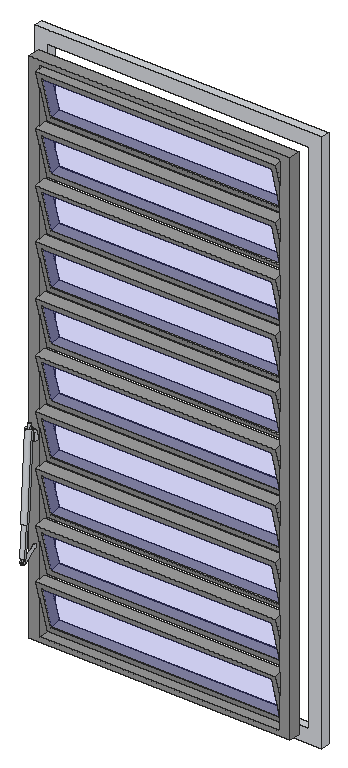
Revit family "Tairmo Ganzglas EA-L", category Windows, host Wall, Revit 2014
Parameters
  PRACTICAL NUMBER OF BLADES = if(Blade_height = 220 mm, "Decrease blade number", if(Blade_height = 400 mm, "Add more blades", "OKAY"))  # "OKAY"
  No. of Blades = 10
  Numbers = if(No. of Blades < 2, 2, No. of Blades)  # 10
  Main_visible = No. of Blades < 2  # no
  Height = 3000 mm
  H2 = 27.5 mm
  H1 = 27.5 mm
  Glass_material = Glass
  Frame_material = Aluminum, Anodized Silver
  Depth = 66 mm
  Default Sill Height = 800 mm
  TrimProjection = 50 mm
  Wall Closure = By host
  Width = 1500 mm
  Blade_width = Actual_width - B1 - B2  # 1380 mm
  Blade_height = if(Actual_Blade_height < 220 mm, 220 mm, if(Actual_Blade_height > 400 mm, 400 mm, Actual_Blade_height))  # 292.14 mm
  Actuator_horizontal_position = Actual_width - B1 / 2  # 1470 mm
  Actuator(Electric, Manual, Pneumatic) = EA-L : EA-L
  Actual_Blade_height = (Height - H1 - H2 - 11.8 mm - 11.8 mm) / No. of Blades  # 292.14 mm
  Blade_origin = (Actual_Blade_height / 2) + 11.8 mm  # 157.87 mm
  B2 = 60 mm
  B1 = 60 mm
  Array_visible = No. of Blades > 1  # yes
  Array_distance = Actual_Blade_height  # 292.14 mm
  Angle_ = if(Angle_opening > 89.00°, 89.00°, Angle_opening)  # 75.00°
  Angle_opening = 75.00°
  Actual_width = if(Width < 250 mm, 250 mm, if(Width > 2500 mm, 2500 mm, Width))  # 1500 mm
  Actual_height = if(Height < 290 mm, 290 mm, Height)  # 3000 mm
Reference planes
  plane 1 "Center (Front/Back)": y = 0
  plane 2 "Center (Left/Right)": x = 0
  plane 3 "Left": x = -750
  plane 4 "Right": x = 750
  plane 5 "Sill": z = 800
  plane 6 "Head": z = 3800
  plane 7 "Exterior": y = 100
  plane 8 "Interior": y = -100
  plane 9: x = -690
  plane 10: x = 690
  plane 11: z = 3772.5
  plane 12: z = 827.5
  plane 13: y = 7
Forms (mm)
  Extrusion 1, solid
    sketch origin (3500, 100, 0) x (-1, 0, 0) y (0, 0, 1)
      loop
        line (2750, 3800) -> (2750, 800) -> (4250, 800) -> (4250, 3800) -> (2750, 3800)
      loop
        line (2675, 3875) -> (2675, 725) -> (4325, 725) -> (4325, 3875) -> (2675, 3875)
    from 0 to 50
  Extrusion 2, solid, material "Aluminum, Anodized Silver" <- "Frame_material"
    sketch origin (0, 100, 0) x (1, 0, 0) y (0, 0, 1)
      loop
        line (750, 3800) -> (-750, 3800) -> (-750, 800) -> (750, 800) -> (750, 3800)
      loop
        line (690, 3772.5) -> (-690, 3772.5) -> (-690, 827.5) -> (690, 827.5) -> (690, 3772.5)
    from 67 to 133
Lines and regions (mm)
  Opening 1
    outline origin (3500, -100, 0) x (1, 0, 0) y (0, 0, 1)
      loop
        line (-2750, 800) -> (-2750, 3800) -> (-4250, 3800) -> (-4250, 800) -> (-2750, 800)
Text (mm)
  text "EXTERIOR" at (-1981.535, 863.181, 0), in view "Ref. Level"
  text "INTERIOR" at (-2017.992, -707.606, 0), in view "Ref. Level"
  text "Exterior" at (0, 923.751, 2943.296), in view "Right"
  text "Exterior" at (0, 1019.841, 2788.626), in view "Left"
Dimensions and locks
  equal spacing: plane 3 "Left", plane 2 "Center (Left/Right)", plane 4 "Right"
  "Actual_width": plane 3 "Left" to plane 4 "Right"
  "Actual_height": plane 5 "Sill" to plane 6 "Head"
  "Default Sill Height": plane 5 "Sill" to level
  "TrimProjection": Extrusion 1 to host wall
  plane 7 "Exterior" to host wall = 0 mm
  locked: plane 8 "Interior" to host wall
  "B2": plane 3 "Left" to plane 9
  "B1": plane 10 to plane 4 "Right"
  "H1": plane 11 to plane 6 "Head"
  "H2": plane 5 "Sill" to plane 12
  equal spacing: Extrusion 2, plane 1 "Center (Front/Back)", Extrusion 2
  "Depth": Extrusion 2 to Extrusion 2
  host wall to host wall = 4000 mm
  "Blade_origin": plane 12 to nested 1
  equal spacing: group 1, group 2, group 3, group 4, group 5, group 6, group 7, group 8, group 9, group 10  (x3)
  "Array_distance": nested 1 to nested 2
  "Blade_origin": plane 12 to nested 3
  "Actuator_horizontal_position": nested 12 to Extrusion 2
  aligned and locked: Extrusion 2 sketch curve to host wall  (x4)
  aligned and locked: Extrusion 2 sketch curve to plane 11
  aligned and locked: Extrusion 2 sketch curve to plane 10
  aligned and locked: plane 12 to Extrusion 2 sketch curve
  aligned and locked: Extrusion 2 sketch curve to plane 9
Automatic sketch dimensions
  Opening 1 sketch curve to plane 3 "Left" = 0 mm
  Opening 1 sketch curve to plane 4 "Right" = 0 mm
  Opening 1 sketch curve to plane 5 "Sill" = 0 mm
  Opening 1 sketch curve to plane 6 "Head" = 0 mm
  Extrusion 1 sketch curve to plane 4 "Right" = 0 mm
  Extrusion 1 sketch curve to plane 3 "Left" = 0 mm
  Extrusion 1 sketch curve to plane 4 "Right" = 75 mm
  plane 3 "Left" to Extrusion 1 sketch curve = 75 mm
  Extrusion 1 sketch curve to plane 5 "Sill" = 0 mm
  Extrusion 1 sketch curve to plane 6 "Head" = 0 mm
  Extrusion 1 sketch curve to Extrusion 1 sketch curve = 75 mm
  Extrusion 1 sketch curve to plane 6 "Head" = 75 mm
Nested families
  nested 1: "Tairmo All-glass _blade" at (0, 7, 985.37) x (0, -1, 0) z (-1, 0, 0), visible <- "Array_visible", type "Tairmo All-glass _blade_array"
  nested 2: "Tairmo All-glass _blade" at (0, 7, 1277.51) x (0, -1, 0) z (-1, 0, 0), visible <- "Array_visible", type "Tairmo All-glass _blade_array"
  nested 3: "Tairmo All-glass _blade" at (0, 7, 985.37) x (0, -1, 0) z (-1, 0, 0), visible <- "Main_visible", type "Tairmo All-glass _blade_main"
  nested 4: "Tairmo All-glass _blade" at (0, 7, 1569.65) x (0, -1, 0) z (-1, 0, 0), visible <- "Array_visible", type "Tairmo All-glass _blade_array"
  nested 5: "Tairmo All-glass _blade" at (0, 7, 1861.79) x (0, -1, 0) z (-1, 0, 0), visible <- "Array_visible", type "Tairmo All-glass _blade_array"
  nested 6: "Tairmo All-glass _blade" at (0, 7, 2153.93) x (0, -1, 0) z (-1, 0, 0), visible <- "Array_visible", type "Tairmo All-glass _blade_array"
  nested 7: "Tairmo All-glass _blade" at (0, 7, 2446.07) x (0, -1, 0) z (-1, 0, 0), visible <- "Array_visible", type "Tairmo All-glass _blade_array"
  nested 8: "Tairmo All-glass _blade" at (0, 7, 2738.21) x (0, -1, 0) z (-1, 0, 0), visible <- "Array_visible", type "Tairmo All-glass _blade_array"
  nested 9: "Tairmo All-glass _blade" at (0, 7, 3030.35) x (0, -1, 0) z (-1, 0, 0), visible <- "Array_visible", type "Tairmo All-glass _blade_array"
  nested 10: "Tairmo All-glass _blade" at (0, 7, 3322.49) x (0, -1, 0) z (-1, 0, 0), visible <- "Array_visible", type "Tairmo All-glass _blade_array"
  nested 11: "Tairmo All-glass _blade" at (0, 7, 3614.63) x (0, -1, 0) z (-1, 0, 0), visible <- "Array_visible", type "Tairmo All-glass _blade_array"
  nested 12: "EA-L" at (-720, -33, 1277.51) x (0, -1, 0) z (0, 0, 1), type <- "Actuator(Electric, Manual, Pneumatic)", type "EA-L"
Definition of nested family "Tairmo All-glass _blade"
  Parameters (values of type "Tairmo All-glass _blade_main")
    angle = 75.00°
    Glass_wall_depth = 60 mm
    Blade_width = 1380 mm
    Glass_wall_material = Aluminum, Anodized Silver
    Glass_wall_thickness = 29 mm
    Glass_thickness = 53 mm
    Glass_material = Glass
    Blade_height = 292.14 mm
  Types (2): name
    Tairmo All-glass _blade_main
    Tairmo All-glass _blade_array
  Reference planes
    plane 1 "Center (Front/Back)": y = 0
    plane 2: z = 0
    plane 3 "Center (Left/Right)": x = 0
  Forms (mm)
    Extrusion 1, solid, material "Glass" <- "Glass_material"
      sketch origin (-160.607, -947.127, 0) x (0.258819, 0.965926, 0) y (-0.965926, 0.258819, 0)
        loop
          line (839.353, 116.5) -> (839.353, 63.5) -> (1073.493, 63.5) -> (1073.493, 116.5) -> (839.353, 116.5)
      from -661 to 661
    Extrusion 2, solid, material "Aluminum, Anodized Silver" <- "Glass_wall_material"
      sketch origin (0, 0, 0) x (0.258819, 0.965926, 0) y (0, 0, 1)
        loop
          line (146.07, 690) -> (-146.07, 690) -> (-146.07, -690) -> (146.07, -690) -> (146.07, 690)
        loop
          line (117.07, 661) -> (-117.07, 661) -> (-117.07, -661) -> (117.07, -661) -> (117.07, 661)
      from -30 to 30
  Lines and regions (mm)
    reference lines
      curve 1: line (0, 0, 0) -> (776.457, 2897.777, 0)
  Dimensions and locks
    equal spacing: Extrusion 1, curve 1, Extrusion 1
    "Glass_thickness": Extrusion 1 to Extrusion 1
    equal spacing: Extrusion 2, curve 1, Extrusion 2  (x5)
    "Glass_wall_depth": Extrusion 2 to Extrusion 2  (x2)
    "Glass_wall_thickness": Extrusion 2 to Extrusion 2  (x4)
    "Blade_height": Extrusion 2 to Extrusion 2
    "Blade_width": Extrusion 2 to Extrusion 2
    "angle": angle plane 1 "Center (Front/Back)" to curve 1
    aligned and locked: level to plane 2
    aligned and locked: plane 3 "Center (Left/Right)" to curve 1
    aligned and locked: plane 1 "Center (Front/Back)" to curve 1
    aligned and locked: Extrusion 2 to Extrusion 1  (x4)
  Automatic sketch dimensions
    curve 1 to Extrusion 1 sketch curve = 26.5 mm
    Extrusion 1 sketch curve to curve 1 = 117.07 mm
    curve 1 to Extrusion 1 sketch curve = 117.07 mm
    Extrusion 1 sketch curve to curve 1 = 26.5 mm
    Extrusion 2 sketch curve to curve 1 = 146.07 mm
    Extrusion 2 sketch curve to Extrusion 2 sketch curve = 29 mm  (x4)
    curve 1 to Extrusion 2 sketch curve = 117.07 mm
    Extrusion 2 sketch curve to curve 1 = 690 mm
    curve 1 to Extrusion 2 sketch curve = 661 mm
Definition of nested family "EA-L"
  Reference planes
    plane 1 "Center (Front/Back)": y = 0
    plane 2: z = 0
    plane 3 "Center (Left/Right)": x = 0
  Forms (mm)
    Extrusion 1, solid
      sketch origin (0.002, 0.002, -430) x (-1, -0.000045, 0) y (0, 0, 1)
        loop
          line (-10, 987.316) -> (0, 987.316) -> (0, 1016.316) -> (-4, 1016.316) -> (-4, 1022.532)
          arc (-4, 1022.532) -> (-6.882, 1036.439) -> (-15.053, 1048.057) r 35
          arc (-15.053, 1048.057) -> (-23.952, 1048.052) -> (-24.506, 1039.17) r 6.5
          arc (-24.506, 1039.17) -> (-18.191, 1028.112) -> (-16, 1015.567) r 37
          line (-16, 1015.567) -> (-16, 993.316)
          arc (-16, 993.316) -> (-14.243, 989.074) -> (-10, 987.316) r 6
      from -17 to 17
    Extrusion 2, solid
      sketch origin (0.002, 0.002, -430) x (-1, -0.000045, 0) y (0, 0, 1)
        loop
          line (-26.807, 1049.319) -> (-28.816, 1019.386) -> (-13.957, 1018.389) -> (-11.948, 1048.322) -> (-26.807, 1049.319)
      from -13.8 to 13.8
    Extrusion 3, solid
      sketch origin (9.836, 0.003, 377.459) x (-0.000045, 1, 0) y (-0.997564, -0.000045, -0.069756)
        loop
          circle (0, -46.639) r 18
      from -223.986 to 250
    Extrusion 4, solid
      sketch origin (0.002, 4.502, -430) x (-1, -0.000045, 0) y (0, 0, 1)
        loop
          line (0, 450.529) -> (-12.141, 452.028) -> (-25.523, 442.659)
          arc (-25.523, 442.659) -> (-32.895, 431.394) -> (-46.003, 428.321) r 18.125
          line (-46.003, 428.321) -> (-93.106, 395.343)
          arc (-93.106, 395.343) -> (-95.162, 392.115) -> (-94.334, 388.379) r 5
          line (-94.334, 388.379) -> (-88.599, 380.187)
          arc (-88.599, 380.187) -> (-85.372, 378.131) -> (-81.635, 378.959) r 5
          line (-81.635, 378.959) -> (-6.992, 431.218) -> (0, 430.356) -> (0, 450.529)
      from 0 to 2.5
    Extrusion 5, solid
      sketch origin (38.924, 0.004, 630.104) x (-0.000045, 1, 0) y (-0.997564, -0.000045, -0.069756)
        loop
          circle (0, 0.002) r 6.799
      from 0 to 23.011
    Extrusion 6, solid
      sketch origin (72.332, 0.005, 134.318) x (-0.000045, 1, 0) y (-0.997564, -0.000045, -0.069756)
        loop
          circle (0, 0.002) r 12.5
      from -154.043 to 23.011
    Extrusion 7, solid
      sketch origin (0.002, 0.002, -430) x (-1, -0.000045, 0) y (0, 0, 1)
        loop
          line (-70.136, 409.745) -> (-95.075, 411.489) -> (-96.517, 390.004)
          arc (-96.517, 390.004) -> (-84.882, 376.695) -> (-71.573, 388.33) r 12.5
          line (-71.573, 388.33) -> (-70.136, 409.745)
        loop
          circle (-84.045, 389.167) r 7
      from -4.5 to 4.5
    Extrusion 8, solid
      sketch origin (0.002, 0.002, -430) x (-1, -0.000045, 0) y (0, 0, 1)
        loop
          circle (-84.012, 389.502) r 6.741
      from -4.5 to 8
  Dimensions and locks
    aligned and locked: level to plane 2
